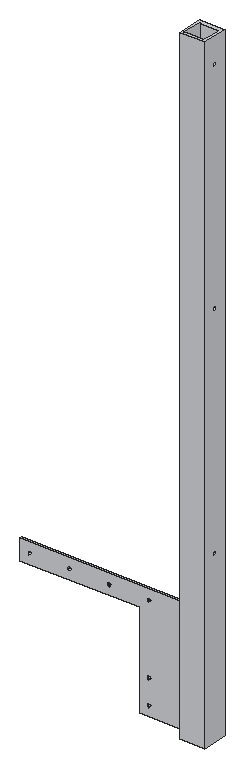
Revit family "Handrail Post CB", category Generic Models, Revit 2019
Family settings
  Can host rebar = No
  Round Connector Dimension = Use Diameter
  Part Type = Normal
  Work Plane-Based = No
  Always vertical = Yes
  Cut with Voids When Loaded = No
  Shared = No
  Room Calculation Point = No
Reference planes
  plane 1 "Center (Front/Back)": y = 0
  plane 2: z = 0
  plane 3 "Center (Left/Right)": x = 0
  plane 4: x = 50
  plane 5: x = 150
  plane 6: x = 390
  plane 7: z = 190
  plane 8: z = 230
  plane 9: z = 210
  plane 10: x = 20
  plane 11: x = 100
  plane 12: x = 180
  plane 13: x = 260
  plane 14: z = 20
  plane 15: z = 70
  plane 16: y = -5
  plane 17: y = -25
  plane 18: y = 25
  plane 19: z = 1270
  plane 20: z = 1220
  plane 21: z = 780
  plane 22: z = 340
Forms (mm)
  Extrusion 1, solid
    sketch origin (390, 0, 0) x (-1, 0, 0) y (0, 0, 1)
      loop
        line (390, 230) -> (50, 230) -> (50, 0) -> (150, 0) -> (150, 190) -> (390, 190) -> (390, 230)
      loop
        circle (370, 210) r 3.5
      loop
        circle (290, 210) r 3.5
      loop
        circle (210, 210) r 3.5
      loop
        circle (130, 210) r 3.5
      loop
        circle (130, 70) r 3.5
      loop
        circle (130, 20) r 3.5
    from 0 to 5
  Extrusion 2, solid
    sketch origin (390, 0, 0) x (-1, 0, 0) y (0, -1, 0)
      loop
        line (0, 25) -> (0, -25) -> (50, -25) -> (50, 25) -> (0, 25)
      loop
        line (45, 20) -> (5, 20) -> (5, -20) -> (45, -20) -> (45, 20)
    from 0 to 1270
  Extrusion 3, void
    sketch origin (390, 0, 0) x (0, -1, 0) y (0, 0, 1)
      loop
        circle (0, 1220) r 4.5
      loop
        circle (0, 780) r 4.5
      loop
        circle (0, 340) r 4.5
    from 0 to 50
Cuts and joins
  Extrusion 3 cuts Extrusion 2
Dimensions and locks
  Extrusion 2 to plane 1 "Center (Front/Back)" = 25 mm
  aligned and locked: level to plane 2
